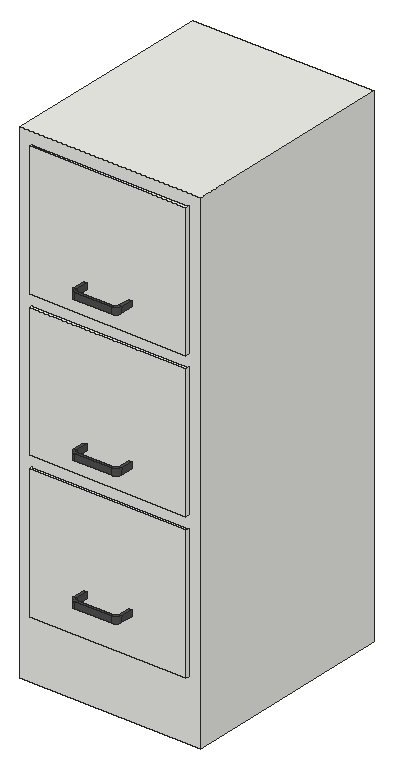
Revit family "Cabinet-File 3 Drawer", category Furniture, Revit 2018
Family settings
  OmniClass Number = 23.40.20.24.24
  OmniClass Title = Filing Cabinets
  Work Plane-Based = No
  Always vertical = Yes
  Cut with Voids When Loaded = No
  Shared = No
  Room Calculation Point = No
Parameters (values of type "15" x 18"")
  Assembly Code = "E2020200"
  Cabinet Material = Steel, Paint Finish, Ivory, Glossy
  Depth = 1' - 6"
  Handle Material = Steel, Chrome Plated
  Height = 3' - 5"
  Width = 1' - 3"
Types (7): name | Depth | Height | Width
  (no name) | 1' - 6" | 3' - 5" | 1' - 3"
  15" x 18" | 1' - 6" | 3' - 5" | 1' - 3"
  15" x 25" | 2' - 1" | 3' - 5" | 1' - 3"
  15" x 29" | 2' - 5" | 3' - 5" | 1' - 3"
  18" x 29" | 2' - 5" | 3' - 5" | 1' - 6"
  30" x 15" Lat. | 1' - 3" | 3' - 4" | 2' - 6"
  30" x 18" Lat. | 1' - 6" | 3' - 4" | 2' - 6"
Reference planes (in)
  plane 1 "Center (Front/Back)": y = -5.59584
  plane 2: z = 0
  plane 3 "Center (Left/Right)": x = -5.03529
  plane 4: x = 2.46471
  plane 5: x = -12.53529
  plane 6: y = 3.40416
  plane 7: y = -14.59584
  plane 8: z = 41
  plane 9: y = -14.84584
Forms (in)
  Extrusion 1, solid, material "Steel, Paint Finish, Ivory, Glossy" <- "Cabinet Material"
    sketch origin (0, 3.40416, 0) x (1, 0, 0) y (0, 0, 1)
      loop
        line (-11.53529, 40) -> (-11.53529, 29) -> (1.46471, 29) -> (1.46471, 40) -> (-11.53529, 40)
      loop
        line (-11.53529, 28) -> (-11.53529, 17) -> (1.46471, 17) -> (1.46471, 28) -> (-11.53529, 28)
      loop
        line (-11.53529, 16) -> (-11.53529, 5) -> (1.46471, 5) -> (1.46471, 16) -> (-11.53529, 16)
    from 18 to 18.25
  Extrusion 2, solid, material "Steel, Paint Finish, Ivory, Glossy" <- "Cabinet Material"
    sketch origin (0, 0, 0) x (1, 0, 0) y (0, 1, 0)
      loop
        line (-12.53529, 3.40416) -> (-12.53529, -14.59584) -> (2.46471, -14.59584) -> (2.46471, 3.40416) -> (-12.53529, 3.40416)
    from 0 to 41
  Sweep 3, solid, material "Steel, Chrome Plated"
    path origin (0, 0, 0) x (1, 0, 0) y (0, 1, 0)
      loop
        line (-7.03529, -14.84584) -> (-7.03529, -15.84584)
        arc (-7.03529, -15.84584) -> (-6.88885, -16.19939) -> (-6.53529, -16.34584) r 0.5
        line (-6.53529, -16.34584) -> (-3.53529, -16.34584)
        arc (-3.53529, -16.34584) -> (-3.18174, -16.19939) -> (-3.03529, -15.84584) r 0.5
        line (-3.03529, -15.84584) -> (-3.03529, -14.84584)
    profile origin (0, -15.34584, 0) x (1, 0, 0) y (0, 0, 1)
      loop
        line (-7.03529, 8) -> (-6.78529, 8) -> (-6.78529, 8.5) -> (-7.03529, 8.5) -> (-7.03529, 8)
      loop
        line (-7.03529, 19) -> (-6.78529, 19) -> (-6.78529, 19.5) -> (-7.03529, 19.5) -> (-7.03529, 19)
      loop
        line (-7.03529, 31) -> (-6.78529, 31) -> (-6.78529, 31.5) -> (-7.03529, 31.5) -> (-7.03529, 31)
Lines and regions (in)
  Masking region 1
    outline origin (0, 0, 0) x (1, 0, 0) y (0, 1, 0)
      loop
        line (-12.53529, 3.40416) -> (-12.53529, -14.59584) -> (2.46471, -14.59584) -> (2.46471, 3.40416) -> (-12.53529, 3.40416)
  Masking region 2
    outline origin (0, 0, 0) x (1, 0, 0) y (0, 1, 0)
      loop
        line (-11.53529, -14.59584) -> (-11.53529, -14.84584) -> (1.46471, -14.84584) -> (1.46471, -14.59584) -> (-11.53529, -14.59584)
  symbolic lines
    curve 1: line (-6.78529, -15.84584, 0) -> (-6.78529, -14.84584, 0)
    curve 2: line (-3.53529, -16.09584, 0) -> (-6.53529, -16.09584, 0)
    curve 3: line (-3.28529, -14.84584, 0) -> (-3.28529, -15.84584, 0)
    curve 4: arc (-3.53529, -16.09584, 0) -> (-3.35852, -16.02262, 0) -> (-3.28529, -15.84584, 0) r 0.25
    curve 5: arc (-6.78529, -15.84584, 0) -> (-6.71207, -16.02262, 0) -> (-6.53529, -16.09584, 0) r 0.25
Dimensions and locks (in)
  equal spacing: plane 5, plane 3 "Center (Left/Right)", plane 4
  equal spacing: plane 7, plane 1 "Center (Front/Back)", plane 6
  "Width": plane 5 to plane 4
  "Depth": plane 7 to plane 6
  "Height": plane 8 to plane 2
  plane 7 to plane 9 = 0' - 0 1/4"
  aligned and locked: Extrusion 1 to plane 7
  aligned and locked: Extrusion 1 to plane 9
  aligned and locked: Extrusion 2 to plane 8
  aligned and locked: Extrusion 2 to level
  aligned and locked: plane 6 to Masking region 1 sketch curve
  aligned and locked: plane 4 to Masking region 1 sketch curve
  aligned and locked: Masking region 1 sketch curve to plane 5
  aligned and locked: Masking region 1 sketch curve to plane 7
  aligned and locked: plane 9 to Masking region 2 sketch curve
  aligned and locked: Masking region 2 sketch curve to Extrusion 1  (x2)
  aligned and locked: plane 7 to Masking region 2 sketch curve
  aligned and locked: curve 1 to Sweep 3
  aligned and locked: curve 2 to Sweep 3
  aligned and locked: curve 3 to Sweep 3
  aligned: curve 5 to Sweep 3
Automatic sketch dimensions
  Extrusion 1 sketch curve to plane 5 = 0' - 1"  (x2)
  Extrusion 1 sketch curve to Extrusion 1 sketch curve = 0' - 0"  (x2)
  plane 4 to Extrusion 1 sketch curve = 0' - 1"  (x2)
  level to Extrusion 1 sketch curve = 0' - 5"
  plane 8 to Extrusion 1 sketch curve = 0' - 1"
  Extrusion 1 sketch curve to Extrusion 1 sketch curve = 0' - 11"  (x2)
  Extrusion 1 sketch curve to Extrusion 1 sketch curve = 0' - 1"  (x2)
  Sweep 3 sketch curve to plane 9 = 0' - 0"  (x2)
  Sweep 3 sketch curve to plane 9 = 0' - 1"
  Sweep 3 sketch curve to plane 3 "Center (Left/Right)" = 0' - 2"
  Sweep 3 sketch curve to Sweep 3 sketch curve = 0' - 0 1/2"  (x4)
  plane 3 "Center (Left/Right)" to Sweep 3 sketch curve = 0' - 1 1/2"
  plane 7 to Sweep 3 sketch curve = 0' - 1 1/4"
  Sweep 3 sketch curve to profile plane = 0' - 0"  (x3)
  Sweep 3 sketch curve to profile plane = 0' - 0 1/4"  (x3)
  level to Sweep 3 sketch curve = 0' - 8"
  Sweep 3 sketch curve to Sweep 3 sketch curve = 0' - 10 1/2"
  Sweep 3 sketch curve to Sweep 3 sketch curve = 0' - 11 1/2"
  Extrusion 2 sketch curve to plane 5 = 0' - 0"
  Extrusion 2 sketch curve to plane 6 = 0' - 0"
  Extrusion 2 sketch curve to plane 4 = 0' - 0"
  Extrusion 2 sketch curve to plane 7 = 0' - 0"
  curve 1 to plane 9 = 0' - 0"
  curve 1 to curve 2 = 0' - 0 1/4"
  curve 3 to plane 9 = 0' - 0"
  curve 2 to curve 3 = 0' - 0 1/4"
